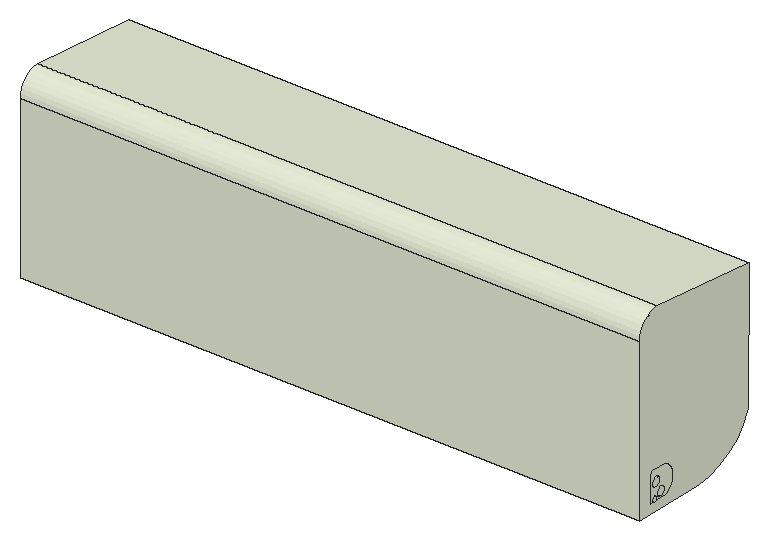
Revit family "Trane_TVR_Indoor_Wall mounted_4TVW0024(27,30)EF000AA(2nd DC)", category Equipamento mecânico, Revit 2019
Family settings
  Cota do conector redondo = Utilizar diâmetro
  Tipo de parte = Normal
  Número OmniClass = 23.75.00.00
  Título OmniClass = Climate Control (HVAC)
  Com base no plano de trabalho = Não
  Sempre na vertical = Sim
  Corte com vazios quando carregada = Não
  Compartilhado = Não
  Ponto de cálculo do ambiente = Não
Parameters (values of type "4TVW0027EF000AA")
  clearance access right = 0.000 mm
  clearance access left = 0.000 mm
  clearance access front = 0.000 mm
  clearance access behind = 0.000 mm
  clearance [instance] = no
  Width = 1194.000 mm
  URL = "https://www.trane.com/commercial/latin-america/br/pt.html"
  Series = "TVR ULTRA"
  Power supply = "220-240V ~50/60Hz"
  Panel color = "S1022"
  Net Weight = 17.00 kg
  Modelo = "4TVW0027EF000AA"
  Minimum Circuit Amps = 0.74 A
  Maximum Fuse Amps = 15 A
  Fabricante = "Trane"
  Machine material = Galvanized Steel
  Liquid pipe = 9.530 mm
  Installation = "Indoor installation"
  Height = 343.000 mm
  Heating Power Input = 55 W
  Heating Capacity = 9 kW
  Gas pipe = 15.900 mm
  Gas = "R410a"
  Descrição = "High efficiency air cooled"
  Depth = 262.000 mm
  Cooling Power Input = 55 W
  Cooling Capacity = 8 kW
  Condensation = "air"
  Air  Flow = "1195/1130/1065/1005/940/875/809 m3/h"
Types (4, lengths in mm): name | Modelo | Minimum Circuit Amps | Heating Power Input | Heating Capacity | Cooling Power Input | Cooling Capacity | Air  Flow
  (no name) | "4TVW0027EF000AA" | 0.74 A | 55 W | 9 kW | 55 W | 8 kW | "1195/1130/1065/1005/940/875/809 m3/h"
  4TVW0024EF000AA | "4TVW0024EF000AA" | 0.74 A | 55 W | 8 kW | 55 W | 7.1 kW | "1195/1130/1065/1005/940/875/809 m3/h"
  4TVW0027EF000AA | "4TVW0027EF000AA" | 0.74 A | 55 W | 9 kW | 55 W | 8 kW | "1195/1130/1065/1005/940/875/809 m3/h"
  4TVW0030EF000AA | "4TVW0030EF000AA" | 1.05 A | 82 W | 10 kW | 82 W | 9 kW | "1421/1300/1125/1067/1005/934/867 m3/h"
Reference planes
  plane 1 "center(front/back)": y = 0
  plane 2: z = 0
  plane 3 "center(left/right)": x = 0
  plane 4: z = 343
Forms (mm)
  Extrusion 1, solid, material "Galvanized Steel" <- "Machine material", detail levels fine
    sketch origin (0, 125, 12.5) x (0, 1, 0) y (0, 0, 1)
      loop
        circle (-113.005, 29.131) r 8.25
    from -327.547 to 597
  Extrusion 2, solid, material "Galvanized Steel" <- "Machine material", detail levels fine
    sketch origin (0, 123.592, 9.769) x (0, 1, 0) y (0, 0, 1)
      loop
        circle (-100.476, 10.907) r 7.95
    from -327.547 to 597
  Extrusion 3, solid, material "Galvanized Steel" <- "Machine material", detail levels fine
    sketch origin (0, 127.199, 0) x (0, 1, 0) y (0, 0, 1)
      loop
        circle (-119.554, 12.9) r 4.765
    from -327.547 to 597
  Extrusion 4, solid, material "Galvanized Steel" <- "Machine material", detail levels medium+fine
    sketch origin (0, 0, 0) x (0, 1, 0) y (0, 0, 1)
      loop
        line (-27.111, -8.387) -> (114.7, -8.387)
        arc (114.7, -8.387) -> (186.418, 12.91) -> (234.889, 69.896) r 131.405
        line (234.889, 69.896) -> (234.889, 321.1) -> (15.372, 342.728)
        arc (15.372, 342.728) -> (-14.668, 330.285) -> (-27.111, 300.245) r 42.482
        line (-27.111, 300.245) -> (-27.111, -8.387)
    from 597 to -597
  Extrusion 5, solid, material "Galvanized Steel" <- "Machine material", detail levels fine
    sketch origin (0, 0, 0) x (0, 1, 0) y (0, 0, 1)
      loop
        arc (101.5, 0) -> (137.495, 5.734) -> (169.928, 22.368) r 115.852
        line (169.928, 22.368) -> (162.857, 29.439) -> (91.134, 7.511) -> (91.134, 0) -> (101.5, 0)
    from 435 to -435
  Extrusion 6, solid, material "Galvanized Steel" <- "Machine material", detail levels fine
    sketch origin (0, 0, 0) x (0, 1, 0) y (0, 0, 1)
      loop
        line (0, 63) -> (0, 9) -> (30, 9)
        arc (30, 9) -> (44.142, 14.858) -> (50, 29) r 20
        line (50, 29) -> (50, 43)
        arc (50, 43) -> (44.142, 57.142) -> (30, 63) r 20
        line (30, 63) -> (0, 63)
    from 597 to -597
Lines and regions (mm)
  model lines, detail levels fine
    curve 1: line (537, 210.739, 323.48) -> (-422, 210.739, 323.48)
    curve 2: line (-422, 210.739, 323.48) -> (-422, 35.841, 340.711)
    curve 3: line (-422, 35.841, 340.711) -> (537, 35.841, 340.711)
    curve 4: line (537, 35.841, 340.711) -> (537, 210.739, 323.48)
    curve 5: line (-122, 35.841, 340.711) -> (-122, 210.739, 323.48)
    curve 6: line (28, 35.841, 340.711) -> (28, 210.739, 323.48)
    curve 7: line (-272, 35.841, 340.711) -> (-272, 210.739, 323.48)
    curve 8: line (103, 35.841, 340.711) -> (103, 210.739, 323.48)
    curve 9: line (-47, 35.841, 340.711) -> (-47, 210.739, 323.48)
    curve 10: line (-197, 35.841, 340.711) -> (-197, 210.739, 323.48)
    curve 11: line (-347, 35.841, 340.711) -> (-347, 210.739, 323.48)
    curve 12: line (537, 85.6, 335.808) -> (-422, 85.6, 335.808)
    curve 13: line (537, 160.98, 328.382) -> (-422, 160.98, 328.382)
    curve 14: line (100, 35.841, 340.711) -> (100, 210.739, 323.48)
    curve 15: line (25, 35.841, 340.711) -> (25, 210.739, 323.48)
    curve 16: line (-50, 35.841, 340.711) -> (-50, 210.739, 323.48)
    curve 17: line (-125, 35.841, 340.711) -> (-125, 210.739, 323.48)
    curve 18: line (-200, 35.841, 340.711) -> (-200, 210.739, 323.48)
    curve 19: line (-275, 35.841, 340.711) -> (-275, 210.739, 323.48)
    curve 20: line (-350, 35.841, 340.711) -> (-350, 210.739, 323.48)
    curve 21: line (537, 82.615, 336.103) -> (-422, 82.615, 336.103)
    curve 22: line (537, 163.966, 328.088) -> (-422, 163.966, 328.088)
    curve 39: line (178, 35.841, 340.711) -> (178, 210.739, 323.48)
    curve 40: line (175, 35.841, 340.711) -> (175, 210.739, 323.48)
    curve 41: line (253, 35.841, 340.711) -> (253, 210.739, 323.48)
    curve 42: line (250, 35.841, 340.711) -> (250, 210.739, 323.48)
    curve 43: line (328, 35.841, 340.711) -> (328, 210.739, 323.48)
    curve 44: line (325, 35.841, 340.711) -> (325, 210.739, 323.48)
    curve 45: line (403, 35.841, 340.711) -> (403, 210.739, 323.48)
    curve 46: line (400, 35.841, 340.711) -> (400, 210.739, 323.48)
    curve 47: line (478, 35.841, 340.711) -> (478, 210.739, 323.48)
    curve 48: line (475, 35.841, 340.711) -> (475, 210.739, 323.48)
  model lines
    curve 23: line (597, 234.889, 321.1) -> (597, 15.372, 342.728)
    curve 24: line (597, 15.372, 342.728) -> (-597, 15.372, 342.728)
    curve 25: line (-597, 15.372, 342.728) -> (-597, 234.889, 321.1)
    curve 26: line (-597, 234.889, 321.1) -> (597, 234.889, 321.1)
    curve 27: line (-597, 234.889, 321.1) -> (-597, 234.889, 69.896)
    curve 28: line (-597, -27.111, 300.245) -> (-597, -27.111, -8.387)
    curve 29: arc (-597, 15.372, 342.728) -> (-597, -14.668, 330.285) -> (-597, -27.111, 300.245) r 42.482
    curve 30: line (-597, -27.111, -8.387) -> (-597, 114.7, -8.387)
    curve 31: arc (-597, 114.7, -8.387) -> (-597, 186.418, 12.91) -> (-597, 234.889, 69.896) r 131.405
    curve 32: line (597, -27.111, 300.245) -> (597, -27.111, -8.387)
    curve 33: arc (597, 15.372, 342.728) -> (597, -14.668, 330.285) -> (597, -27.111, 300.245) r 42.482
    curve 34: line (597, 234.889, 69.896) -> (597, 234.889, 321.1)
    curve 35: line (597, -27.111, -8.387) -> (597, 114.7, -8.387)
    curve 36: arc (597, 114.7, -8.387) -> (597, 186.418, 12.91) -> (597, 234.889, 69.896) r 131.405
    curve 37: line (597, 234.889, 69.896) -> (-597, 234.889, 69.896)
    curve 38: line (-597, -27.111, -8.387) -> (597, -27.111, -8.387)
Dimensions and locks
  "Height": level to plane 4
  "Width": Extrusion 4 to Extrusion 4
  "Depth": Extrusion 4 to Extrusion 4
  aligned and locked: level to plane 2
Automatic sketch dimensions
  Extrusion 1 sketch curve to plane 1 "center(front/back)" = 11.995 mm
  level to Extrusion 1 sketch curve = 41.631 mm
  Extrusion 2 sketch curve to plane 1 "center(front/back)" = 23.116 mm
  level to Extrusion 2 sketch curve = 20.676 mm
  Extrusion 3 sketch curve to plane 1 "center(front/back)" = 7.645 mm
  level to Extrusion 3 sketch curve = 12.900 mm
  plane 1 "center(front/back)" to Extrusion 4 sketch curve = 27.111 mm
  Extrusion 4 sketch curve to level = 8.387 mm
  level to Extrusion 4 sketch curve = 69.896 mm
  Extrusion 4 sketch curve to plane 1 "center(front/back)" = 15.372 mm
  Extrusion 4 sketch curve to plane 1 "center(front/back)" = 114.700 mm
  Extrusion 4 sketch curve to Extrusion 4 sketch curve = 120.189 mm
  Extrusion 4 sketch curve to Extrusion 4 sketch curve = 198.082 mm
  Extrusion 4 sketch curve to Extrusion 4 sketch curve = 177.227 mm
  Extrusion 5 sketch curve to level = 0.000 mm
  Extrusion 5 sketch curve to plane 1 "center(front/back)" = 91.134 mm
  level to Extrusion 5 sketch curve = 7.511 mm
  Extrusion 5 sketch curve to Extrusion 5 sketch curve = 10.366 mm
  level to Extrusion 5 sketch curve = 29.439 mm
  Extrusion 5 sketch curve to Extrusion 5 sketch curve = 61.357 mm
  level to Extrusion 5 sketch curve = 22.368 mm
  Extrusion 5 sketch curve to Extrusion 5 sketch curve = 7.071 mm
  Extrusion 6 sketch curve to plane 1 "center(front/back)" = 0.000 mm
  level to Extrusion 6 sketch curve = 9.000 mm
  Extrusion 6 sketch curve to plane 1 "center(front/back)" = 30.000 mm  (x2)
  Extrusion 6 sketch curve to Extrusion 6 sketch curve = 20.000 mm
  Extrusion 6 sketch curve to Extrusion 6 sketch curve = 14.000 mm
  curve 27 to Extrusion 4 = 0.000 mm
  Extrusion 4 to curve 27 = 0.000 mm
  curve 34 to Extrusion 4 = 0.000 mm  (x2)
  curve 37 to Extrusion 4 = 0.000 mm  (x3)
  Extrusion 4 to curve 38 = 0.000 mm
  curve 38 to Extrusion 4 = 0.000 mm  (x2)
  curve 26 to Extrusion 4 = 0.000 mm
  Extrusion 4 to curve 26 = 0.000 mm
  curve 25 to Extrusion 4 = 0.000 mm  (x2)
  curve 2 to Extrusion 4 = 20.569 mm
  Extrusion 4 to curve 2 = 175.000 mm
  Extrusion 4 to curve 2 = 24.267 mm
  curve 1 to curve 22 = 47.000 mm
  curve 22 to curve 13 = 3.000 mm
  curve 12 to curve 2 = 50.000 mm
  curve 12 to curve 21 = 3.000 mm
  Extrusion 4 to curve 4 = 60.000 mm
  curve 2 to curve 20 = 72.000 mm
  curve 20 to curve 11 = 3.000 mm
  curve 11 to curve 19 = 72.000 mm
  curve 19 to curve 7 = 3.000 mm
  curve 7 to curve 18 = 72.000 mm
  curve 18 to curve 10 = 3.000 mm
  curve 10 to curve 17 = 72.000 mm
  curve 17 to curve 5 = 3.000 mm
  curve 5 to curve 16 = 72.000 mm
  curve 16 to curve 9 = 3.000 mm
  curve 9 to curve 15 = 72.000 mm
  curve 15 to curve 6 = 3.000 mm
  curve 6 to curve 14 = 72.000 mm
  curve 14 to curve 8 = 3.000 mm
  curve 8 to curve 40 = 72.000 mm
  curve 40 to curve 39 = 3.000 mm
  curve 39 to curve 42 = 72.000 mm
  curve 42 to curve 41 = 3.000 mm
  curve 41 to curve 44 = 72.000 mm
  curve 44 to curve 43 = 3.000 mm
  curve 43 to curve 46 = 72.000 mm
  curve 46 to curve 45 = 3.000 mm
  curve 48 to curve 1 = 62.000 mm
  curve 48 to curve 47 = 3.000 mm
  radius of Extrusion 1 sketch curve = 8.250 mm
  radius of Extrusion 2 sketch curve = 7.950 mm
  radius of Extrusion 3 sketch curve = 4.765 mm
  radius of curve 29 to Extrusion 4 = 0.000 mm
  radius of curve 31 to Extrusion 4 = 0.000 mm
  radius of curve 33 to Extrusion 4 = 0.000 mm
  radius of curve 36 to Extrusion 4 = 0.000 mm
Connectors
  piping at (597, 11.995, 41.631), diameter 16.5
    settings: on Extrusion 1, index 5, connector inside diameter 16.5 mm, connector length 0.000 mm, flow factor 0, pipe flow 0.0 m³/h, pressure drop 0.0 Pa, fitting loss kfactor 0, connector angle 0.00°, fixture units 0, engagement length 0.000 mm, angle of deflection 0.00°, flow configuration 1, flow direction 2, fitting loss method 0, system type 29, joint type 0, gender type 0, connector reference index -1, connector utility 0, adjustable connector no, is connector primary yes, connector description "Drain pipe OD Φ 16.5mm"
  piping at (597, 23.116, 20.676), diameter 15.9
    settings: on Extrusion 2, index 6, connector inside diameter 15.9 mm, connector length 0.000 mm, flow factor 0, pipe flow 0.0 m³/h, pressure drop 0.0 Pa, fitting loss kfactor 0, connector angle 0.00°, fixture units 0, engagement length 0.000 mm, angle of deflection 0.00°, flow configuration 1, flow direction 0, fitting loss method 4, system type 22, joint type 0, gender type 0, connector reference index -1, connector utility 0, adjustable connector no, is connector primary no, connector description "Gas pipe Φ15.9mm"
  piping at (597, 7.645, 12.9), diameter 9.53
    settings: on Extrusion 3, index 7, connector inside diameter 9.53 mm, connector length 0.000 mm, flow factor 0, pipe flow 0.0 m³/h, pressure drop 0.0 Pa, fitting loss kfactor 0, connector angle 0.00°, fixture units 0, engagement length 0.000 mm, angle of deflection 0.00°, flow configuration 1, flow direction 0, fitting loss method 4, system type 22, joint type 0, gender type 0, connector reference index -1, connector utility 0, adjustable connector no, is connector primary no, connector description "Liquid pipe Φ9.53mm"
  electrical at (-597, 26.667, 36)
    settings: on Extrusion 6, index 8, voltage 220 V, apparent load 0 VA, apparent load phase1 0 VA, apparent load phase2 0 VA, apparent load phase3 0 VA, power factor 1, load classification "Power", number of poles 1, system type 30, power factor state 1, is connector primary yes, connector utility no, sub classification motor no, connector description "The location of electrical connectors is not the same as the actual location because the wiring terminal is inside the unit."
